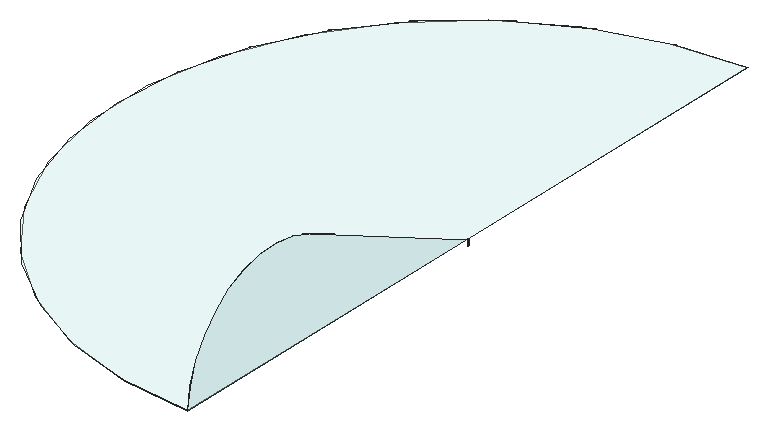
Revit family "Rotor Falvon 6504 Series - 6504PCSSHS", category Acessórios do tubo, Revit 2020
Family settings
  Cota do conector redondo = Utilizar diâmetro
  Tipo de parte = Normal
  Número OmniClass = 23.60.30.11.14
  Título OmniClass = Pipework Fittings
  Com base no plano de trabalho = Não
  Sempre na vertical = Sim
  Corte com vazios quando carregada = Não
  Compartilhado = Não
Parameters (values of type "Nozzle 18")
  Water = Water
  URL = "https://www.rainbird.com/"
  TABLE 90 = "TABLE 90psi"
  TABLE 80 = "TABLE 80psi"
  TABLE 70 = "TABLE 70psi"
  TABLE 60 = "TABLE 60psi"
  TABLE 50 = "TABLE 50psi"
  TABLE 40 = "TABLE 40psi"
  TABLE 30 = "TABLE 30psi"
  SupportProjetos: Reviw Date = ""  # constant formula
  SupportProjetos: Reviw = "R00"  # constant formula
  SupportProjetos: Level of Detail = "LOD 300"  # constant formula
  SupportProjetos: Developed = "MICHEL SOARES MOTA"  # constant formula
  SupportProjetos: Creation Date = "07/08/2020"  # constant formula
  Side inlet = no
  Rotation Water Visibility [instance] = Pop up on  # yes
  Rotation Angle [instance] = 180.00°
  RainBird: Product Link = "https://www.rainbird.com/"
  RainBird: Description = "FALCON 6504-PC-SS-HS Rotor "  # constant formula
  RainBird: Comment [instance] = ""
  RainBird: Code = "B65541"  # constant formula
  Radius [instance] = if(and(Pressure = 30.0 psi, Instance < 3 ft), size_lookup(TABLE 30, "Radius", 0 ft, Instance), if(and(Pressure = 40.0 psi, Instance < 9 ft), size_lookup(TABLE 40, "Radius", 0 ft, Instance), if(and(Pressure = 50.0 psi, Instance < 9 ft), size_lookup(TABLE 50, "Radius", 0 ft, Instance), if(and(Pressure = 60.0 psi, Instance < 9 ft), size_lookup(TABLE 60, "Radius", 0 ft, Instance), if(and(Pressure = 70.0 psi, Instance < 9 ft), size_lookup(TABLE 70, "Radius", 0 ft, Instance), if(and(Pressure = 80.0 psi, Instance < 9 ft), size_lookup(TABLE 80, "Radius", 0 ft, Instance), if(and(Pressure = 90.0 psi, Instance > 7 ft), size_lookup(TABLE 90, "Radius", 600 ft, Instance), 0 ft)))))))  # 63 ft
  RT = 0.009893 ft
  RN = 0.032808 ft
  R5 = 0.03937 ft
  R4 = 0.04101 ft
  R3 = 0.065617 ft
  R2 = 0.075407 ft
  R1 = 0.032808 ft
  Pressure [instance] = 60.0 psi
  Pop up height = 0.334646 ft
  Pop up on [instance] = yes
  Modelo = "6504-PCSSHS"  # constant formula
  Instance = 8 ft
  H1 = Body height / 3  # 0.236333 ft
  Flow [instance] = if(and(Pressure = 30.0 psi, Instance < 3 ft), size_lookup(TABLE 30, "Flow", 0.0 GPM, Instance), if(and(Pressure = 40.0 psi, Instance < 9 ft), size_lookup(TABLE 40, "Flow", 0.0 GPM, Instance), if(and(Pressure = 50.0 psi, Instance < 9 ft), size_lookup(TABLE 50, "Flow", 0.0 GPM, Instance), if(and(Pressure = 60.0 psi, Instance < 9 ft), size_lookup(TABLE 60, "Flow", 0.0 GPM, Instance), if(and(Pressure = 70.0 psi, Instance < 9 ft), size_lookup(TABLE 70, "Flow", 0.0 GPM, Instance), if(and(Pressure = 80.0 psi, Instance < 9 ft), size_lookup(TABLE 80, "Flow", 0.0 GPM, Instance), if(and(Pressure = 90.0 psi, Instance > 7 ft), size_lookup(TABLE 90, "Flow", 0.0 GPM, Instance), 0.0 GPM)))))))  # 17.1 GPM
  Fabricante = "Rain Bird"
  Elevação padrão = 0 ft
  Description = RainBird: Description  # "FALCON 6504-PC-SS-HS Rotor "
  DD13 = 0.002625 ft
  DD12 = 0.003937 ft
  DD11 = 0.009897 ft
  DD10 = 0.016404 ft
  DD8 [instance] = if(Pop up on, Pop up height, 0 ft)  # 0.334646 ft
  DD7 = 0.019685 ft
  DD6 [instance] = 0.016404 ft
  DD5 = 0.065617 ft
  DD4 = 0.032808 ft
  DD3 = 0.091048 ft
  DD2 [instance] = 0.024514 ft
  DD9 [instance] = if(Pop up on, Pop up height + 0.049541 ft, 0 ft)  # 0.384186 ft
  DD1 = 0.006562 ft
  Conection = 0.062664 ft  # constant formula
  Body height = 0.709 ft  # constant formula
  Blue = Blue Plastic
  Black Plastic = Black Plastic
  Angle = 25.00°
Types (9, lengths in ft): name | Radius | Pressure | Instance | Flow
  (no name) | 63 | 60.0 psi | 8 | 17.1 GPM
  Nozzle 4 | 43 | 80.0 psi | 1 | 4.6 GPM
  Nozzle 6 | 49 | 80.0 psi | 2 | 4.9 GPM
  Nozzle 8 | 53 | 80.0 psi | 3 | 9.4 GPM
  Nozzle 10 | 55 | 80.0 psi | 4 | 11.6 GPM
  Nozzle 12 | 61 | 80.0 psi | 5 | 14.0 GPM
  Tipo 14 | 61 | 80.0 psi | 6 | 16.2 GPM
  Nozzle 16 | 63 | 80.0 psi | 7 | 18.1 GPM
  Nozzle 18 | 63 | 60.0 psi | 8 | 17.1 GPM
Reference planes (ft)
  plane 1 "Centro (Frente/Trás)": y = 0
  plane 2: z = 0
  plane 3 "Centro (Esquerda/Direita)": x = 0
  plane 4: z = 0.003937
  plane 5: z = 0.002625
  plane 6: y = -0.065617
Forms (ft)
  Revolve 1, solid, material "Black Plastic" <- "Black Plastic"
    sketch origin (0, 0, 0) x (1, 0, 0) y (0, 0, 1)
      loop
        line (0.075407, -0.091048) -> (0.075407, -0.035324)
        arc (0.075407, -0.035324) -> (0.072509, -0.028329) -> (0.065514, -0.025431) r 0.009893
        line (0.065514, -0.025431) -> (0.046098, -0.025431) -> (0.046098, 0) -> (0.03937, 0) -> (0.03937, -0.334646) -> (0.019685, -0.334646) -> (0.019685, -0.702438) -> (0.032808, -0.702438) -> (0.032808, -0.709) -> (0.04101, -0.709) -> (0.04101, -0.702438) -> (0.055724, -0.702438)
        arc (0.055724, -0.702438) -> (0.062719, -0.699541) -> (0.065617, -0.692545) r 0.009893
        line (0.065617, -0.692545) -> (0.065617, -0.091048) -> (0.075407, -0.091048)
      axis (0, -0.709) -> (0, 0)
    angle from 0 to 360
  Extrusion 2, solid, material "Black Plastic" <- "Black Plastic"
    sketch origin (0, 0, 0) x (1, 0, 0) y (0, 1, 0)
      loop
        circle (0, 0) r 0.032808
    from -0.334646 to 0.334646
  Extrusion 3, void
    sketch origin (0, 0, 0) x (1, 0, 0) y (0, 1, 0)
      loop
        circle (0, 0) r 0.022844
    from -0.334646 to 0.334646
  Revolve 4, solid, material "Black Plastic" <- "Black Plastic"
    sketch origin (0, 0, 0) x (1, 0, 0) y (0, 0, 1)
      loop
        line (0, 0.334646) -> (0.037004, 0.334646) -> (0.037004, 0.344543)
        arc (0.037004, 0.344543) -> (0.01879, 0.349436) -> (0, 0.35105) r 0.10685
        line (0, 0.35105) -> (0, 0.334646)
      axis (0, 0.334646) -> (0, 0.35105)
    angle from 0 to 360
  Extrusion 5, solid, material "Blue Plastic" <- "Blue"
    sketch origin (0, 0, 0) x (1, 0, 0) y (0, 0, 1)
      loop
        circle (0, 0.310131) r 0.009129
      loop
        circle (0, 0.310131) r 0.004793
    from 0 to 0.034386
  Extrusion 6, void
    sketch origin (0, 0, 0) x (1, 0, 0) y (0, 0, 1)
      loop
        line (-0.02074, 0.328055) -> (-0.02074, 0.282426) -> (0.020672, 0.282426) -> (0.020672, 0.328055) -> (-0.02074, 0.328055)
      loop
        line (-0.018439, 0.325179) -> (-0.018439, 0.285685) -> (0.018179, 0.285685) -> (0.018179, 0.325179) -> (-0.018439, 0.325179)
    from 0.024556 to 0.06931
  Extrusion 7, solid, material "Black Plastic" <- "Black Plastic"
    sketch origin (0, 0, 0) x (1, 0, 0) y (0, 0, 1)
      loop
        line (0.046098, 0) -> (0.046098, -0.036876) -> (0.073493, -0.036876) -> (0.046098, 0)
    from -0.002998 to 0.002998
  Extrusion 8, solid, material "Black Plastic" <- "Black Plastic"
    sketch origin (0, 0, 0) x (-1, 0, 0) y (0, 0, -1)
      loop
        line (0.046098, 0) -> (0.073493, 0.036876) -> (0.046098, 0.036876) -> (0.046098, 0)
    from -0.002998 to 0.002998
  Extrusion 9, solid, material "Black Plastic" <- "Black Plastic"
    sketch origin (0, 0, 0) x (0.866025, 0.5, 0) y (0, 0, 1)
      loop
        line (0.046098, 0) -> (0.046098, -0.036876) -> (0.073493, -0.036876) -> (0.046098, 0)
    from -0.002998 to 0.002998
  Extrusion 10, solid, material "Black Plastic" <- "Black Plastic"
    sketch origin (0, 0, 0) x (-0.866025, -0.5, 0) y (0, 0, -1)
      loop
        line (0.046098, 0) -> (0.073493, 0.036876) -> (0.046098, 0.036876) -> (0.046098, 0)
    from -0.002998 to 0.002998
  Extrusion 11, solid, material "Black Plastic" <- "Black Plastic"
    sketch origin (0, 0, 0) x (0, 1, 0) y (0, 0, 1)
      loop
        line (0.046098, 0) -> (0.046098, -0.036876) -> (0.073493, -0.036876) -> (0.046098, 0)
    from -0.002998 to 0.002998
  Extrusion 12, solid, material "Black Plastic" <- "Black Plastic"
    sketch origin (0, 0, 0) x (0, -1, 0) y (0, 0, -1)
      loop
        line (0.046098, 0) -> (0.073493, 0.036876) -> (0.046098, 0.036876) -> (0.046098, 0)
    from -0.002998 to 0.002998
  Extrusion 13, solid, material "Black Plastic" <- "Black Plastic"
    sketch origin (0, 0, 0) x (0.5, 0.866025, 0) y (0, 0, 1)
      loop
        line (0.046098, 0) -> (0.046098, -0.036876) -> (0.073493, -0.036876) -> (0.046098, 0)
    from -0.002998 to 0.002998
  Extrusion 14, solid, material "Black Plastic" <- "Black Plastic"
    sketch origin (0, 0, 0) x (-0.5, -0.866025, 0) y (0, 0, -1)
      loop
        line (0.046098, 0) -> (0.073493, 0.036876) -> (0.046098, 0.036876) -> (0.046098, 0)
    from -0.002998 to 0.002998
  Extrusion 15, solid, material "Black Plastic" <- "Black Plastic"
    sketch origin (0, 0, 0) x (-0.5, 0.866025, 0) y (0, 0, 1)
      loop
        line (0.046098, 0) -> (0.046098, -0.036876) -> (0.073493, -0.036876) -> (0.046098, 0)
    from -0.002998 to 0.002998
  Extrusion 16, solid, material "Black Plastic" <- "Black Plastic"
    sketch origin (0, 0, 0) x (0.5, -0.866025, 0) y (0, 0, -1)
      loop
        line (0.046098, 0) -> (0.073493, 0.036876) -> (0.046098, 0.036876) -> (0.046098, 0)
    from -0.002998 to 0.002998
  Extrusion 17, solid, material "Black Plastic" <- "Black Plastic"
    sketch origin (0, 0, 0) x (-0.866025, 0.5, 0) y (0, 0, 1)
      loop
        line (0.046098, 0) -> (0.046098, -0.036876) -> (0.073493, -0.036876) -> (0.046098, 0)
    from -0.002998 to 0.002998
  Extrusion 18, solid, material "Black Plastic" <- "Black Plastic"
    sketch origin (0, 0, 0) x (0.866025, -0.5, 0) y (0, 0, -1)
      loop
        line (0.046098, 0) -> (0.073493, 0.036876) -> (0.046098, 0.036876) -> (0.046098, 0)
    from -0.002998 to 0.002998
  Extrusion 19, void
    sketch origin (0, 0, 0) x (1, 0, 0) y (0, 1, 0)
      loop
        line (-0.002998, 0.077702) -> (-0.002998, 0.071655) -> (0.002998, 0.071655) -> (0.002998, 0.077702) -> (-0.002998, 0.077702)
    from -0.091048 to 0.82021
  Extrusion 20, void
    sketch origin (0, 0, 0) x (1, 0, 0) y (0, 1, 0)
      loop
        line (0.002998, -0.077702) -> (0.002998, -0.071655) -> (-0.002998, -0.071655) -> (-0.002998, -0.077702) -> (0.002998, -0.077702)
    from -0.091048 to 0.82021
  Extrusion 21, void
    sketch origin (0, 0, 0) x (0.965926, 0.258819, 0) y (-0.258819, 0.965926, 0)
      loop
        line (-0.002998, 0.077702) -> (-0.002998, 0.071655) -> (0.002998, 0.071655) -> (0.002998, 0.077702) -> (-0.002998, 0.077702)
    from -0.091048 to 0.82021
  Extrusion 22, void
    sketch origin (0, 0, 0) x (0.965926, 0.258819, 0) y (-0.258819, 0.965926, 0)
      loop
        line (0.002998, -0.077702) -> (0.002998, -0.071655) -> (-0.002998, -0.071655) -> (-0.002998, -0.077702) -> (0.002998, -0.077702)
    from -0.091048 to 0.82021
  Extrusion 23, void
    sketch origin (0, 0, 0) x (0.866025, 0.5, 0) y (-0.5, 0.866025, 0)
      loop
        line (-0.002998, 0.077702) -> (-0.002998, 0.071655) -> (0.002998, 0.071655) -> (0.002998, 0.077702) -> (-0.002998, 0.077702)
    from -0.091048 to 0.82021
  Extrusion 24, void
    sketch origin (0, 0, 0) x (0.866025, 0.5, 0) y (-0.5, 0.866025, 0)
      loop
        line (0.002998, -0.077702) -> (0.002998, -0.071655) -> (-0.002998, -0.071655) -> (-0.002998, -0.077702) -> (0.002998, -0.077702)
    from -0.091048 to 0.82021
  Extrusion 25, void
    sketch origin (0, 0, 0) x (0.5, 0.866025, 0) y (-0.866025, 0.5, 0)
      loop
        line (-0.002998, 0.077702) -> (-0.002998, 0.071655) -> (0.002998, 0.071655) -> (0.002998, 0.077702) -> (-0.002998, 0.077702)
    from -0.091048 to 0.82021
  Extrusion 26, void
    sketch origin (0, 0, 0) x (0.5, 0.866025, 0) y (-0.866025, 0.5, 0)
      loop
        line (0.002998, -0.077702) -> (0.002998, -0.071655) -> (-0.002998, -0.071655) -> (-0.002998, -0.077702) -> (0.002998, -0.077702)
    from -0.091048 to 0.82021
  Extrusion 27, void
    sketch origin (0, 0, 0) x (0.707107, 0.707107, 0) y (-0.707107, 0.707107, 0)
      loop
        line (-0.002998, 0.077702) -> (-0.002998, 0.071655) -> (0.002998, 0.071655) -> (0.002998, 0.077702) -> (-0.002998, 0.077702)
    from -0.091048 to 0.82021
  Extrusion 28, void
    sketch origin (0, 0, 0) x (0.707107, 0.707107, 0) y (-0.707107, 0.707107, 0)
      loop
        line (0.002998, -0.077702) -> (0.002998, -0.071655) -> (-0.002998, -0.071655) -> (-0.002998, -0.077702) -> (0.002998, -0.077702)
    from -0.091048 to 0.82021
  Extrusion 29, void
    sketch origin (0, 0, 0) x (0.258819, 0.965926, 0) y (-0.965926, 0.258819, 0)
      loop
        line (-0.002998, 0.077702) -> (-0.002998, 0.071655) -> (0.002998, 0.071655) -> (0.002998, 0.077702) -> (-0.002998, 0.077702)
    from -0.091048 to 0.82021
  Extrusion 30, void
    sketch origin (0, 0, 0) x (0.258819, 0.965926, 0) y (-0.965926, 0.258819, 0)
      loop
        line (0.002998, -0.077702) -> (0.002998, -0.071655) -> (-0.002998, -0.071655) -> (-0.002998, -0.077702) -> (0.002998, -0.077702)
    from -0.091048 to 0.82021
  Extrusion 31, void
    sketch origin (0, 0, 0) x (0, 1, 0) y (-1, 0, 0)
      loop
        line (-0.002998, 0.077702) -> (-0.002998, 0.071655) -> (0.002998, 0.071655) -> (0.002998, 0.077702) -> (-0.002998, 0.077702)
    from -0.091048 to 0.82021
  Extrusion 32, void
    sketch origin (0, 0, 0) x (0, 1, 0) y (-1, 0, 0)
      loop
        line (0.002998, -0.077702) -> (0.002998, -0.071655) -> (-0.002998, -0.071655) -> (-0.002998, -0.077702) -> (0.002998, -0.077702)
    from -0.091048 to 0.82021
  Extrusion 33, void
    sketch origin (0, 0, 0) x (-0.258819, 0.965926, 0) y (-0.965926, -0.258819, 0)
      loop
        line (-0.002998, 0.077702) -> (-0.002998, 0.071655) -> (0.002998, 0.071655) -> (0.002998, 0.077702) -> (-0.002998, 0.077702)
    from -0.091048 to 0.82021
  Extrusion 34, void
    sketch origin (0, 0, 0) x (-0.258819, 0.965926, 0) y (-0.965926, -0.258819, 0)
      loop
        line (0.002998, -0.077702) -> (0.002998, -0.071655) -> (-0.002998, -0.071655) -> (-0.002998, -0.077702) -> (0.002998, -0.077702)
    from -0.091048 to 0.82021
  Extrusion 35, void
    sketch origin (0, 0, 0) x (-0.5, 0.866025, 0) y (-0.866025, -0.5, 0)
      loop
        line (-0.002998, 0.077702) -> (-0.002998, 0.071655) -> (0.002998, 0.071655) -> (0.002998, 0.077702) -> (-0.002998, 0.077702)
    from -0.091048 to 0.82021
  Extrusion 36, void
    sketch origin (0, 0, 0) x (-0.5, 0.866025, 0) y (-0.866025, -0.5, 0)
      loop
        line (0.002998, -0.077702) -> (0.002998, -0.071655) -> (-0.002998, -0.071655) -> (-0.002998, -0.077702) -> (0.002998, -0.077702)
    from -0.091048 to 0.82021
  Extrusion 37, void
    sketch origin (0, 0, 0) x (-0.707107, 0.707107, 0) y (-0.707107, -0.707107, 0)
      loop
        line (-0.002998, 0.077702) -> (-0.002998, 0.071655) -> (0.002998, 0.071655) -> (0.002998, 0.077702) -> (-0.002998, 0.077702)
    from -0.091048 to 0.82021
  Extrusion 38, void
    sketch origin (0, 0, 0) x (-0.707107, 0.707107, 0) y (-0.707107, -0.707107, 0)
      loop
        line (0.002998, -0.077702) -> (0.002998, -0.071655) -> (-0.002998, -0.071655) -> (-0.002998, -0.077702) -> (0.002998, -0.077702)
    from -0.091048 to 0.82021
  Extrusion 39, void
    sketch origin (0, 0, 0) x (-0.866025, 0.5, 0) y (-0.5, -0.866025, 0)
      loop
        line (-0.002998, 0.077702) -> (-0.002998, 0.071655) -> (0.002998, 0.071655) -> (0.002998, 0.077702) -> (-0.002998, 0.077702)
    from -0.091048 to 0.82021
  Extrusion 40, void
    sketch origin (0, 0, 0) x (-0.866025, 0.5, 0) y (-0.5, -0.866025, 0)
      loop
        line (0.002998, -0.077702) -> (0.002998, -0.071655) -> (-0.002998, -0.071655) -> (-0.002998, -0.077702) -> (0.002998, -0.077702)
    from -0.091048 to 0.82021
  Extrusion 41, void
    sketch origin (0, 0, 0) x (-0.965926, 0.258819, 0) y (-0.258819, -0.965926, 0)
      loop
        line (-0.002998, 0.077702) -> (-0.002998, 0.071655) -> (0.002998, 0.071655) -> (0.002998, 0.077702) -> (-0.002998, 0.077702)
    from -0.091048 to 0.82021
  Extrusion 42, void
    sketch origin (0, 0, 0) x (-0.965926, 0.258819, 0) y (-0.258819, -0.965926, 0)
      loop
        line (0.002998, -0.077702) -> (0.002998, -0.071655) -> (-0.002998, -0.071655) -> (-0.002998, -0.077702) -> (0.002998, -0.077702)
    from -0.091048 to 0.82021
  Extrusion 43, solid, material "Water" <- "Water", visible <- "Rotation Water Visibility"
    sketch origin (0, 0, 0) x (0, 1, 0) y (0, 0, 1)
      loop
        line (-0.032808, 0.310131) -> (-35.615202, 16.902474)
        arc (-35.615202, 16.902474) -> (-53.751991, 15.923219) -> (-63.032808, 0.310131) r 19.287003
        line (-63.032808, 0.310131) -> (-0.032808, 0.310131)
    from -0.008202 to 0.008202
Cuts and joins
  Extrusion 3, Extrusion 6 cuts Extrusion 2
  Extrusion 19, Extrusion 20, Extrusion 21, Extrusion 22, Extrusion 23, Extrusion 24, Extrusion 25, Extrusion 26, Extrusion 27, Extrusion 28, Extrusion 29, Extrusion 30, Extrusion 31, Extrusion 32, Extrusion 33, Extrusion 34, Extrusion 35, Extrusion 36, Extrusion 37, Extrusion 38, Extrusion 39, Extrusion 40, Extrusion 41, Extrusion 42 cuts Revolve 1
Dimensions and locks (ft)
  "Body height": level to Revolve 1 sketch curve
  "R2": Revolve 1 sketch curve to plane 3 "Centro (Esquerda/Direita)"
  "DD1": Revolve 1 sketch curve to Revolve 1 sketch curve
  "DD3": level to Revolve 1 sketch curve
  Revolve 1 sketch curve to plane 3 "Centro (Esquerda/Direita)" = 0.065617 ft
  "R4": Revolve 1 sketch curve to plane 3 "Centro (Esquerda/Direita)"
  "RN": Revolve 1 sketch curve to plane 3 "Centro (Esquerda/Direita)"
  "Pop up height": level to Revolve 1 sketch curve
  "R5": plane 3 "Centro (Esquerda/Direita)" to Revolve 1 sketch curve
  "DD7": Revolve 1 sketch curve to plane 3 "Centro (Esquerda/Direita)"
  "DD8": Extrusion 2 to level
  "DD12": plane 4 to level
  "DD13": plane 5 to level
  "R3": plane 6 to plane 1 "Centro (Frente/Trás)"
  "DD5": Revolve 1 sketch curve to Revolve 1 sketch curve
  "DD10": Revolve 4 sketch curve to Revolve 4 sketch curve
  "DD11": Revolve 4 sketch curve to Revolve 4 sketch curve
  "DD2": Revolve 4 to Extrusion 5 sketch curve  (x2)
  Extrusion 7 to plane 3 "Centro (Esquerda/Direita)" = 0.046098 ft
  equal spacing: Extrusion 7, plane 1 "Centro (Frente/Trás)", Extrusion 7
  Extrusion 8 to Extrusion 8 = 0.005995 ft
  Extrusion 9 to Extrusion 9 = 0.005995 ft
  Extrusion 20 sketch curve to Extrusion 20 sketch curve = 0.005995 ft
  Extrusion 22 sketch curve to Extrusion 22 sketch curve = 0.005995 ft
  Extrusion 24 sketch curve to Extrusion 24 sketch curve = 0.005995 ft
  Extrusion 26 sketch curve to Extrusion 26 sketch curve = 0.005995 ft
  Extrusion 28 sketch curve to Extrusion 28 sketch curve = 0.005995 ft
  Extrusion 30 sketch curve to Extrusion 30 sketch curve = 0.005995 ft
  Extrusion 32 sketch curve to Extrusion 32 sketch curve = 0.005995 ft
  Extrusion 34 sketch curve to Extrusion 34 sketch curve = 0.005995 ft
  Extrusion 36 sketch curve to Extrusion 36 sketch curve = 0.005995 ft
  Extrusion 38 sketch curve to Extrusion 38 sketch curve = 0.005995 ft
  Extrusion 40 sketch curve to Extrusion 40 sketch curve = 0.005995 ft
  Extrusion 42 sketch curve to Extrusion 42 sketch curve = 0.005995 ft
  "DD4": plane 1 "Centro (Frente/Trás)" to Extrusion 43 sketch curve
  "DD2": Revolve 4 to Extrusion 43 sketch curve
  "Radius": Extrusion 43 sketch curve to Extrusion 43 sketch curve
  equal spacing: Extrusion 43, plane 3 "Centro (Esquerda/Direita)", Extrusion 43
  "DD6": Extrusion 43 to Extrusion 43
  "DD2": Revolve 4 to nested 1
  "RT": radius of Revolve 1 sketch curve  (x2)
  "R1": radius of Extrusion 2 sketch curve
  "Angle": angle Extrusion 43 sketch curve to Extrusion 43 sketch curve
  aligned and locked: level to plane 2
  aligned and locked: Revolve 1 sketch curve to Revolve 1 sketch curve
  aligned and locked: Extrusion 2 to Revolve 1
  aligned and locked: cut or joined group of Extrusion 2, Extrusion 3, Extrusion 6 to cut or joined group of Extrusion 2, Extrusion 3, Extrusion 6  (x2)
  aligned and locked: Revolve 4 sketch curve to cut or joined group of Extrusion 2, Extrusion 3, Extrusion 6
  aligned and locked: Extrusion 20 to Revolve 1
  aligned and locked: Extrusion 22 to Revolve 1
  aligned and locked: Extrusion 24 to Revolve 1
  aligned and locked: Extrusion 28 to Revolve 1
  aligned and locked: Extrusion 26 to Revolve 1
  aligned and locked: Extrusion 30 to Revolve 1
  aligned and locked: Extrusion 32 to Revolve 1
  aligned and locked: Extrusion 34 to Revolve 1
  aligned and locked: Revolve 1 to Extrusion 36
  aligned and locked: Revolve 1 to Extrusion 38
  aligned and locked: Extrusion 41 to Revolve 1
  aligned and locked: Extrusion 39 to Revolve 1
  aligned and locked: Extrusion 37 to Revolve 1
  aligned and locked: Extrusion 35 to Revolve 1
  aligned and locked: Extrusion 33 to Revolve 1
  aligned and locked: Extrusion 31 to Revolve 1
  aligned and locked: Extrusion 29 to Revolve 1
  aligned and locked: Revolve 1 to Extrusion 25
  aligned and locked: Revolve 1 to Extrusion 27
  aligned and locked: Revolve 1 to Extrusion 19
  aligned and locked: Revolve 1 to Extrusion 21
  aligned and locked: Revolve 1 to Extrusion 42
  aligned and locked: Revolve 1 to Extrusion 40
  aligned and locked: Revolve 1 to Extrusion 23
Automatic sketch dimensions
  plane 1 "Centro (Frente/Trás)" to Extrusion 2 sketch curve = 0 ft
  Extrusion 2 sketch curve to plane 3 "Centro (Esquerda/Direita)" = 0 ft
  plane 1 "Centro (Frente/Trás)" to Extrusion 3 sketch curve = 0 ft
  Extrusion 3 sketch curve to plane 3 "Centro (Esquerda/Direita)" = 0 ft
  Revolve 4 sketch curve to plane 3 "Centro (Esquerda/Direita)" = 0 ft  (x2)
  plane 3 "Centro (Esquerda/Direita)" to Revolve 4 sketch curve = 0.000284 ft
  plane 3 "Centro (Esquerda/Direita)" to Revolve 4 sketch curve = 0.037004 ft
  Revolve 4 sketch curve to Revolve 4 sketch curve = 0.015719 ft
  Revolve 4 sketch curve to Revolve 4 sketch curve = 0.114829 ft
  Extrusion 5 sketch curve to Extrusion 5 sketch curve = 0 ft
  Extrusion 5 sketch curve to plane 3 "Centro (Esquerda/Direita)" = 0 ft
  Extrusion 6 sketch curve to plane 3 "Centro (Esquerda/Direita)" = 0.02074 ft
  Extrusion 6 sketch curve to Extrusion 6 sketch curve = 0.002301 ft
  plane 3 "Centro (Esquerda/Direita)" to Extrusion 6 sketch curve = 0.018179 ft
  Extrusion 6 sketch curve to Extrusion 6 sketch curve = 0.002492 ft
  plane 4 to Extrusion 6 sketch curve = 0.278489 ft
  Extrusion 6 sketch curve to Extrusion 6 sketch curve = 0.003259 ft
  Extrusion 6 sketch curve to Extrusion 6 sketch curve = 0.039494 ft
  Extrusion 6 sketch curve to Extrusion 6 sketch curve = 0.002876 ft
  Extrusion 7 sketch curve to level = 0 ft
  plane 3 "Centro (Esquerda/Direita)" to Extrusion 7 sketch curve = 0.046098 ft
  Extrusion 7 sketch curve to Extrusion 7 sketch curve = 0.027396 ft
  Extrusion 7 sketch curve to Extrusion 7 sketch curve = 0.036876 ft
  Extrusion 8 sketch curve to level = 0 ft
  plane 3 "Centro (Esquerda/Direita)" to Extrusion 8 sketch curve = 0.046098 ft
  Extrusion 8 sketch curve to Extrusion 8 sketch curve = 0.027396 ft
  Extrusion 8 sketch curve to Extrusion 8 sketch curve = 0.036876 ft
  Extrusion 9 sketch curve to level = 0 ft
  Extrusion 9 sketch curve to level = 0.036876 ft
  Extrusion 9 sketch curve to Extrusion 9 sketch curve = 0.027396 ft
  Extrusion 10 sketch curve to level = 0 ft
  Extrusion 10 sketch curve to level = 0.036876 ft
  Extrusion 10 sketch curve to Extrusion 10 sketch curve = 0.027396 ft
  Extrusion 11 sketch curve to level = 0 ft
  Extrusion 11 sketch curve to plane 1 "Centro (Frente/Trás)" = 0.046098 ft
  Extrusion 11 sketch curve to Extrusion 11 sketch curve = 0.027396 ft
  Extrusion 11 sketch curve to Extrusion 11 sketch curve = 0.036876 ft
  Extrusion 12 sketch curve to level = 0 ft
  plane 6 to Extrusion 12 sketch curve = 0.019519 ft
  Extrusion 12 sketch curve to plane 6 = 0.007877 ft
  Extrusion 12 sketch curve to level = 0.036876 ft
  Extrusion 13 sketch curve to level = 0 ft
  Extrusion 13 sketch curve to level = 0.036876 ft
  Extrusion 13 sketch curve to Extrusion 13 sketch curve = 0.027396 ft
  Extrusion 14 sketch curve to level = 0 ft
  Extrusion 14 sketch curve to level = 0.036876 ft
  Extrusion 14 sketch curve to Extrusion 14 sketch curve = 0.027396 ft
  level to Extrusion 15 sketch curve = 0 ft
  Extrusion 15 sketch curve to level = 0.036876 ft
  Extrusion 15 sketch curve to Extrusion 15 sketch curve = 0.027396 ft
  level to Extrusion 16 sketch curve = 0 ft
  Extrusion 16 sketch curve to level = 0.036876 ft
  Extrusion 16 sketch curve to Extrusion 16 sketch curve = 0.027396 ft
  level to Extrusion 17 sketch curve = 0 ft
  Extrusion 17 sketch curve to level = 0.036876 ft
  Extrusion 17 sketch curve to Extrusion 17 sketch curve = 0.027396 ft
  level to Extrusion 18 sketch curve = 0 ft
  Extrusion 18 sketch curve to level = 0.036876 ft
  Extrusion 18 sketch curve to Extrusion 18 sketch curve = 0.027396 ft
  Extrusion 19 sketch curve to plane 3 "Centro (Esquerda/Direita)" = 0.002998 ft
  Extrusion 19 sketch curve to plane 1 "Centro (Frente/Trás)" = 0.071655 ft
  Extrusion 19 sketch curve to Extrusion 19 sketch curve = 0.006047 ft
  plane 3 "Centro (Esquerda/Direita)" to Extrusion 20 sketch curve = 0.002998 ft
  plane 6 to Extrusion 20 sketch curve = 0.006038 ft
  Extrusion 20 sketch curve to Extrusion 20 sketch curve = 0.006047 ft
  plane 3 "Centro (Esquerda/Direita)" to Extrusion 19 sketch curve = 0.002998 ft
  Extrusion 21 sketch curve to plane 3 "Centro (Esquerda/Direita)" = 0.021441 ft
  Extrusion 21 sketch curve to plane 1 "Centro (Frente/Trás)" = 0.068438 ft
  Extrusion 21 sketch curve to Extrusion 21 sketch curve = 0.005995 ft
  Extrusion 21 sketch curve to Extrusion 21 sketch curve = 0.006047 ft
  Extrusion 22 sketch curve to plane 6 = 0.010213 ft
  plane 3 "Centro (Esquerda/Direita)" to Extrusion 22 sketch curve = 0.017215 ft
  Extrusion 22 sketch curve to Extrusion 22 sketch curve = 0.006047 ft
  Extrusion 23 sketch curve to plane 3 "Centro (Esquerda/Direita)" = 0.038424 ft
  Extrusion 23 sketch curve to plane 1 "Centro (Frente/Trás)" = 0.060556 ft
  Extrusion 23 sketch curve to Extrusion 23 sketch curve = 0.005995 ft
  Extrusion 23 sketch curve to Extrusion 23 sketch curve = 0.006047 ft
  Extrusion 24 sketch curve to plane 6 = 0.003174 ft
  plane 3 "Centro (Esquerda/Direita)" to Extrusion 24 sketch curve = 0.036255 ft
  Extrusion 24 sketch curve to Extrusion 24 sketch curve = 0.006047 ft
  Extrusion 25 sketch curve to plane 1 "Centro (Frente/Trás)" = 0.033231 ft
  Extrusion 25 sketch curve to plane 3 "Centro (Esquerda/Direita)" = 0.063554 ft
  Extrusion 25 sketch curve to Extrusion 25 sketch curve = 0.005995 ft
  Extrusion 25 sketch curve to Extrusion 25 sketch curve = 0.006047 ft
  Extrusion 26 sketch curve to plane 6 = 0.02417 ft
  Extrusion 26 sketch curve to plane 3 "Centro (Esquerda/Direita)" = 0.065793 ft
  Extrusion 26 sketch curve to Extrusion 26 sketch curve = 0.006047 ft
  Extrusion 27 sketch curve to plane 1 "Centro (Frente/Trás)" = 0.048548 ft
  Extrusion 27 sketch curve to plane 3 "Centro (Esquerda/Direita)" = 0.052787 ft
  Extrusion 27 sketch curve to Extrusion 27 sketch curve = 0.005995 ft
  Extrusion 27 sketch curve to Extrusion 27 sketch curve = 0.006047 ft
  plane 6 to Extrusion 28 sketch curve = 0.008554 ft
  plane 3 "Centro (Esquerda/Direita)" to Extrusion 28 sketch curve = 0.052824 ft
  Extrusion 28 sketch curve to Extrusion 28 sketch curve = 0.006047 ft
  Extrusion 29 sketch curve to plane 1 "Centro (Frente/Trás)" = 0.01565 ft
  Extrusion 29 sketch curve to plane 3 "Centro (Esquerda/Direita)" = 0.069989 ft
  Extrusion 29 sketch curve to Extrusion 29 sketch curve = 0.005995 ft
  Extrusion 29 sketch curve to Extrusion 29 sketch curve = 0.006047 ft
  plane 1 "Centro (Frente/Trás)" to Extrusion 30 sketch curve = 0.023006 ft
  plane 3 "Centro (Esquerda/Direita)" to Extrusion 30 sketch curve = 0.074278 ft
  Extrusion 30 sketch curve to Extrusion 30 sketch curve = 0.006047 ft
  plane 1 "Centro (Frente/Trás)" to Extrusion 31 sketch curve = 0.002998 ft
  Extrusion 31 sketch curve to plane 1 "Centro (Frente/Trás)" = 0.002998 ft
  Extrusion 31 sketch curve to plane 3 "Centro (Esquerda/Direita)" = 0.071655 ft
  Extrusion 31 sketch curve to Extrusion 31 sketch curve = 0.006047 ft
  plane 1 "Centro (Frente/Trás)" to Extrusion 32 sketch curve = 0.002998 ft
  plane 3 "Centro (Esquerda/Direita)" to Extrusion 32 sketch curve = 0.077702 ft
  Extrusion 32 sketch curve to Extrusion 32 sketch curve = 0.006047 ft
  plane 1 "Centro (Frente/Trás)" to Extrusion 33 sketch curve = 0.021441 ft
  Extrusion 33 sketch curve to plane 3 "Centro (Esquerda/Direita)" = 0.068438 ft
  Extrusion 33 sketch curve to Extrusion 33 sketch curve = 0.005995 ft
  Extrusion 33 sketch curve to Extrusion 33 sketch curve = 0.006047 ft
  Extrusion 34 sketch curve to plane 1 "Centro (Frente/Trás)" = 0.017215 ft
  plane 3 "Centro (Esquerda/Direita)" to Extrusion 34 sketch curve = 0.07583 ft
  Extrusion 34 sketch curve to Extrusion 34 sketch curve = 0.006047 ft
  plane 6 to Extrusion 35 sketch curve = 0.027193 ft
  Extrusion 35 sketch curve to plane 3 "Centro (Esquerda/Direita)" = 0.060556 ft
  Extrusion 35 sketch curve to Extrusion 35 sketch curve = 0.005995 ft
  Extrusion 35 sketch curve to Extrusion 35 sketch curve = 0.006047 ft
  Extrusion 36 sketch curve to plane 1 "Centro (Frente/Trás)" = 0.036255 ft
  plane 3 "Centro (Esquerda/Direita)" to Extrusion 36 sketch curve = 0.068791 ft
  Extrusion 36 sketch curve to Extrusion 36 sketch curve = 0.006047 ft
  plane 6 to Extrusion 37 sketch curve = 0.012829 ft
  Extrusion 37 sketch curve to plane 3 "Centro (Esquerda/Direita)" = 0.048548 ft
  Extrusion 37 sketch curve to Extrusion 37 sketch curve = 0.005995 ft
  Extrusion 37 sketch curve to Extrusion 37 sketch curve = 0.006047 ft
  Extrusion 38 sketch curve to plane 1 "Centro (Frente/Trás)" = 0.052824 ft
  plane 3 "Centro (Esquerda/Direita)" to Extrusion 38 sketch curve = 0.057063 ft
  Extrusion 38 sketch curve to Extrusion 38 sketch curve = 0.006047 ft
  plane 6 to Extrusion 39 sketch curve = 0.002063 ft
  Extrusion 39 sketch curve to plane 3 "Centro (Esquerda/Direita)" = 0.033231 ft
  Extrusion 39 sketch curve to Extrusion 39 sketch curve = 0.005995 ft
  Extrusion 39 sketch curve to Extrusion 39 sketch curve = 0.006047 ft
  plane 3 "Centro (Esquerda/Direita)" to Extrusion 40 sketch curve = 0.041447 ft
  Extrusion 40 sketch curve to plane 1 "Centro (Frente/Trás)" = 0.065793 ft
  Extrusion 40 sketch curve to Extrusion 40 sketch curve = 0.006047 ft
  Extrusion 41 sketch curve to plane 6 = 0.004372 ft
  Extrusion 41 sketch curve to plane 3 "Centro (Esquerda/Direita)" = 0.01565 ft
  Extrusion 41 sketch curve to Extrusion 41 sketch curve = 0.005995 ft
  Extrusion 41 sketch curve to Extrusion 41 sketch curve = 0.006047 ft
  plane 3 "Centro (Esquerda/Direita)" to Extrusion 42 sketch curve = 0.023006 ft
  Extrusion 42 sketch curve to plane 1 "Centro (Frente/Trás)" = 0.074278 ft
  Extrusion 42 sketch curve to Extrusion 42 sketch curve = 0.006047 ft
  Revolve 1 sketch curve to plane 3 "Centro (Esquerda/Direita)" = 0 ft
  Revolve 1 sketch curve to level = 0 ft
  Revolve 1 sketch curve to Revolve 1 sketch curve = 0.019416 ft
  plane 4 to Revolve 1 sketch curve = 0.079347 ft
  Revolve 1 sketch curve to Revolve 1 sketch curve = 0.918635 ft
  Extrusion 43 sketch curve to level = 0.577487 ft
  radius of Extrusion 3 sketch curve = 0.022844 ft
  radius of Extrusion 5 sketch curve = 0.009129 ft
  radius of Extrusion 5 sketch curve = 0.004793 ft
Nested families (ft)
  nested 1: "Water" at (0.00013, 0, 0.190874) x (0, -1, 0) z (0, 0, 1), DT9 <- "DD4", Radius <- "Radius", visible <- "Rotation Water Visibility", Rotation Angle <- "Rotation Angle", type "Water"
    with Rotation Angle 180.00°, Radius 63 ft, DT9 0.032808 ft, DT8 0 ft, DT7 252 ft, DT4 315 ft, Angle 2 180.00°
Connectors (ft)
  piping at (0, 0, -0.709), diameter 2
    settings: on cut or joined group of Revolve 1, Extrusion 19, Extrusion 20, Extrusion 21, Extrusion 22, Extrusion 23, Extrusion 24, Extrusion 25, Extrusion 26, Extrusion 27, Extrusion 28, Extrusion 29, Extrusion 30, Extrusion 31, Extrusion 32, Extrusion 33, Extrusion 34, Extrusion 35, Extrusion 36, Extrusion 37, Extrusion 38, Extrusion 39, Extrusion 40, Extrusion 41, Extrusion 42, index 1, connector inside diameter 609.6 mm, connector length 0 ft, flow factor 0, pipe flow 0.0 GPM, pressure drop 0.0 psi, fitting loss kfactor 0, connector angle 0.00°, fixture units 0, engagement length 0 ft, angle of deflection 0.00°, flow configuration 0, flow direction 0, fitting loss method 0, system type 28, joint type 0, gender type 0, connector reference index -1, connector utility 0, adjustable connector no, is connector primary yes, connector description ""
Definition of nested family "Water"
  Parameters (values of type "Water")
    Water Visibility (Circle) = yes
    Water = none
    URL = ""
    SupportProjetos: Reviw Date = ""  # constant formula
    SupportProjetos: Level of Detail = "LOD 300"  # constant formula
    SupportProjetos: Developed = "MICHEL SOARES MOTA"  # constant formula
    SupportProjetos: Creation Date = "16/07/2020"  # constant formula
    Rotation Angle [instance] = 90.00°
    Reviw = "R00"  # constant formula
    Radius [instance] = 14 ft
    Model = ""
    Default Elevation = 4 ft
    Description = ""
    DT9 [instance] = 0.032808 ft
    DT8 [instance] = if(Rotation Angle = 360.00°, 10 ft, 0 ft)  # 0 ft
    DT7 [instance] = 4 * Radius  # 56 ft
    DT4 [instance] = 5 * Radius  # 70 ft
    DT2 = 0.098425 ft  # constant formula
    DT6 = 0 ft
    Angle 2 [instance] = if(Rotation Angle = 360.00°, 180.00°, 360.00° - Rotation Angle)  # 270.00°
  Reference planes (ft)
    plane 1 "Centro (Frente/Trás)": y = 0
    plane 2: z = 0
    plane 3 "Centro (Esquerda/Direita)": x = 0
  Forms (ft)
    Revolve 1, solid, material <- "Water", visible <- "Water Visibility (Circle)"
      sketch origin (0, 0, 0) x (1, 0, 0) y (0, 0, 1)
        loop
          line (0.032808, 0.098425) -> (14.032808, 0.098425) -> (14.032808, 0.119259) -> (0.032808, 0.119259) -> (0.032808, 0.098425)
        axis (0, 0.098425) -> (0, 0.119259)
      angle from 0 to 360
    Extrusion 2, void
      sketch origin (0, 0, 0) x (1, 0, 0) y (0, 1, 0)
        loop
          line (0, 0) -> (70, 0) -> (70, 56)
          arc (70, 56) -> (-70.459018, 51.588344) -> (0, -70) r 81.847109
          line (0, -70) -> (0, 0)
      from 0 to 15.189231
  Cuts and joins
    Extrusion 2 cuts Revolve 1
  Dimensions and locks (ft)
    "DT2": Revolve 1 sketch curve to level
    "DT4": Extrusion 2 sketch curve to Extrusion 2 sketch curve  (x2)
    "DT6": Extrusion 2 sketch curve to plane 3 "Centro (Esquerda/Direita)"
    "DT7": Extrusion 2 sketch curve to Extrusion 2 sketch curve
    "DT8": cut or joined group of Revolve 1, Extrusion 2 to level
    "Radius": Revolve 1 sketch curve to Revolve 1 sketch curve
    "DT9": Revolve 1 sketch curve to plane 3 "Centro (Esquerda/Direita)"
    "Angle 2": angle Extrusion 2 sketch curve to Extrusion 2 sketch curve
    aligned and locked: level to plane 2
    aligned and locked: plane 1 "Centro (Frente/Trás)" to Extrusion 2 sketch curve
  Automatic sketch dimensions
    plane 3 "Centro (Esquerda/Direita)" to Extrusion 2 sketch curve = 1.088227 ft
    Revolve 1 sketch curve to plane 3 "Centro (Esquerda/Direita)" = 0 ft
    Revolve 1 sketch curve to Revolve 1 sketch curve = 0.020833 ft
    Revolve 1 sketch curve to Revolve 1 sketch curve = 0.032113 ft
    Revolve 1 sketch curve to Revolve 1 sketch curve = 10.2693 ft
